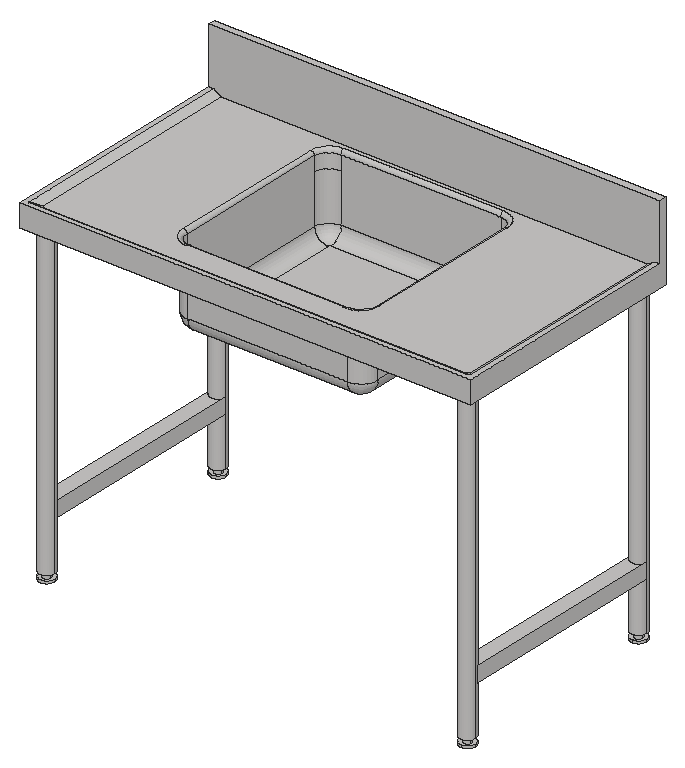
Revit family
Parameters (values of type "1200 X 650 Bowl Center")
  Waste Connection Diameter = 40 mm
  Width Of Bowl = 505 mm
  Waste Connection Radius = Waste Connection Diameter / 2  # 20 mm
  WFU = 0
  URL = "http://www.autospec.co.za/browse.php?id=1644179283"
  Product Code = "None"
  OmniClass Title = ""
  OmniClass Number = ""
  Modspec Classification = ""
  Specification = ""
  Material = Stainless Steel Grade 304
  Location (revit room) = ""
  Length Of Bowl = 505 mm
  Bowl Posiition [instance] = if(Bowl Position End, Distance Of Bowl, if(Bowl Position Center, Length / 2, Distance Of Bowl))  # 600 mm
  Description = ""
  Depth Of Bowl = 230 mm
  Colour = none
  Bowl Position End [instance] = no
  Bowl Position Center [instance] = not(Bowl Position End)  # yes
  Body Finish = none
  Distance Of Bowl = 330 mm
  Splashback Height = 150 mm
  Width = 650 mm
  Model = "Catering Sink Center Single Bowl Series KS1-1200 X 650"
  Manufacturer = "Kwikot"  # constant formula
  Length = 1200 mm
  Height = 1050 mm
  Assembly Code = "E1090300"
Reference planes
  plane 1 "Center (Front/Back)": y = 0
  plane 2 "Bottom": z = 0
  plane 3 "Center (Left/Right)": x = 0
  plane 4 "Left": x = -600
  plane 5 "Right": x = 600
  plane 6 "Front": y = -650
  plane 7 "Top": z = 1050
  plane 8: z = 900
  plane 9: z = 840
  plane 10: z = 670
  plane 11: y = -295
  plane 12: x = 0
  plane 13: x = 235
  plane 14: x = -270
  plane 15: y = -42.5
  plane 16: y = -547.5
Forms (mm)
  Extrusion 1, solid, material "Stainless Steel Grade 304" <- "Material"
    sketch origin (-600, -491, 4000) x (0, -1, 0) y (0, 0, 1)
      loop
        line (-491, -3160) -> (159, -3160) -> (159, -3100) -> (-471, -3100) -> (-471, -2950) -> (-491, -2950) -> (-491, -3160)
    from 0 to -1200
  Blend 2, void
    base sketch origin (-779.234, -1524, 900) x (0, -1, 0) y (1, 0, 0)
      loop
        arc (-891, 191.234) -> (-887.464, 192.698) -> (-886, 196.234) r 5
        line (-886, 196.234) -> (-886, 1362.234)
        arc (-886, 1362.234) -> (-887.464, 1365.769) -> (-891, 1367.234) r 5
        line (-891, 1367.234) -> (-1504, 1367.234) -> (-1504, 191.234) -> (-891, 191.234)
    top sketch origin (-779.234, -1524, 900) x (0, -1, 0) y (1, 0, 0)
      loop
        line (-1504, 211.234) -> (-911, 211.234)
        arc (-911, 211.234) -> (-907.464, 212.698) -> (-906, 216.234) r 5
        line (-906, 216.234) -> (-906, 1342.234)
        arc (-906, 1342.234) -> (-907.464, 1345.769) -> (-911, 1347.234) r 5
        line (-911, 1347.234) -> (-1504, 1347.234) -> (-1504, 211.234)
    from 0 to -12
  Extrusion 3, void
    sketch origin (-779.234, -1524, 840) x (0, -1, 0) y (-1, 0, 0)
      loop
        line (-1481.5, -549.234) -> (-1481.5, -974.234)
        arc (-1481.5, -974.234) -> (-1469.784, -1002.518) -> (-1441.5, -1014.234) r 40
        line (-1441.5, -1014.234) -> (-1016.5, -1014.234)
        arc (-1016.5, -1014.234) -> (-988.216, -1002.518) -> (-976.5, -974.234) r 40
        line (-976.5, -974.234) -> (-976.5, -549.234)
        arc (-976.5, -549.234) -> (-988.216, -520.949) -> (-1016.5, -509.234) r 40
        line (-1016.5, -509.234) -> (-1441.5, -509.234)
        arc (-1441.5, -509.234) -> (-1469.784, -520.949) -> (-1481.5, -549.234) r 40
    from 0 to -60
  Sweep 4, solid, material "Stainless Steel Grade 304" <- "Material"
    path origin (-779.234, -1524, 900) x (-1, 0, 0) y (0, -1, 0)
      loop
        line (-509.234, -1441.5) -> (-509.234, -1016.5)
        arc (-509.234, -1016.5) -> (-520.949, -988.216) -> (-549.234, -976.5) r 40
        line (-549.234, -976.5) -> (-974.234, -976.5)
        arc (-974.234, -976.5) -> (-1002.518, -988.216) -> (-1014.234, -1016.5) r 40
        line (-1014.234, -1016.5) -> (-1014.234, -1441.5)
        arc (-1014.234, -1441.5) -> (-1002.518, -1469.784) -> (-974.234, -1481.5) r 40
        line (-974.234, -1481.5) -> (-549.234, -1481.5)
        arc (-549.234, -1481.5) -> (-520.949, -1469.784) -> (-509.234, -1441.5) r 40
    profile origin (-270, -295, 900) x (1, 0, 0) y (0, 0, 1)
      loop
        line (0, -12) -> (-5, -12) -> (-5, -190)
        arc (-5, -190) -> (6.716, -218.284) -> (35, -230) r 40
        line (35, -230) -> (35, -225)
        arc (35, -225) -> (10.251, -214.749) -> (0, -190) r 35
        line (0, -190) -> (0, -12)
  Blend 5, solid, material "Stainless Steel Grade 304" <- "Material"
    base sketch origin (-779.234, -1524, 670) x (-1, 0, 0) y (0, -1, 0)
      loop
        circle (-779.234, -1229) r 26
    top sketch origin (-779.234, -1524, 670) x (-1, 0, 0) y (0, -1, 0)
      loop
        circle (-779.234, -1229) r 20
    from 0 to -5
  Extrusion 6, solid, material "Stainless Steel Grade 304" <- "Material"
    sketch origin (-779.234, -1524, 670) x (-1, 0, 0) y (0, -1, 0)
      loop
        arc (-544.234, -1016.5) -> (-545.698, -1012.964) -> (-549.234, -1011.5) r 5
        line (-549.234, -1011.5) -> (-974.234, -1011.5)
        arc (-974.234, -1011.5) -> (-977.769, -1012.964) -> (-979.234, -1016.5) r 5
        line (-979.234, -1016.5) -> (-979.234, -1441.5)
        arc (-979.234, -1441.5) -> (-977.769, -1445.036) -> (-974.234, -1446.5) r 5
        line (-974.234, -1446.5) -> (-549.234, -1446.5)
        arc (-549.234, -1446.5) -> (-545.698, -1445.036) -> (-544.234, -1441.5) r 5
        line (-544.234, -1441.5) -> (-544.234, -1016.5)
      loop
        circle (-779.234, -1229) r 26
    from 0 to 5
  Sweep 7, void
    path origin (-779.234, -1524, 900) x (-1, 0, 0) y (0, -1, 0)
      loop
        line (-509.234, -1441.5) -> (-509.234, -1016.5)
        arc (-509.234, -1016.5) -> (-520.949, -988.216) -> (-549.234, -976.5) r 40
        line (-549.234, -976.5) -> (-974.234, -976.5)
        arc (-974.234, -976.5) -> (-1002.518, -988.216) -> (-1014.234, -1016.5) r 40
        line (-1014.234, -1016.5) -> (-1014.234, -1441.5)
        arc (-1014.234, -1441.5) -> (-1002.518, -1469.784) -> (-974.234, -1481.5) r 40
        line (-974.234, -1481.5) -> (-549.234, -1481.5)
        arc (-549.234, -1481.5) -> (-520.949, -1469.784) -> (-509.234, -1441.5) r 40
    profile origin (-270, -295, 900) x (1, 0, 0) y (0, 0, 1)
      loop
        line (0, -12) -> (-10, -12)
        arc (-10, -12) -> (-2.929, -14.929) -> (0, -22) r 10
        line (0, -22) -> (0, -12)
  Extrusion 8, solid, material "Stainless Steel Grade 304" <- "Material"
    sketch origin (0, 0, 0) x (1, 0, 0) y (0, 1, 0)
      loop
        circle (-560, -610) r 21
      loop
        circle (560, -610) r 21
      loop
        circle (-560, -40) r 21
      loop
        circle (560, -40) r 21
    from 0 to 5
  Extrusion 9, solid, material "Stainless Steel Grade 304" <- "Material"
    sketch origin (0, 0, 0) x (1, 0, 0) y (0, 1, 0)
      loop
        circle (-560, -610) r 10
      loop
        circle (-560, -40) r 10
      loop
        circle (560, -40) r 10
      loop
        circle (560, -610) r 10
    from 5 to 20
  Extrusion 10, solid, material "Stainless Steel Grade 304" <- "Material"
    sketch origin (-779.234, -1524, 840) x (-1, 0, 0) y (0, -1, 0)
      loop
        circle (-1339.234, -914) r 21
      loop
        circle (-1339.234, -1484) r 21
      loop
        circle (-219.234, -1484) r 21
      loop
        circle (-219.234, -914) r 21
    from 0 to -820
  Extrusion 11, solid, material "Stainless Steel Grade 304"
    sketch origin (0, 0, 0) x (1, 0, 0) y (0, 1, 0)
      loop
        line (-539, -610) -> (-539, -40)
        arc (-539, -40) -> (-560, -61) -> (-581, -40) r 21
        line (-581, -40) -> (-581, -610)
        arc (-581, -610) -> (-560, -589) -> (-539, -610) r 21
      loop
        line (539, -40) -> (539, -610)
        arc (539, -610) -> (560, -589) -> (581, -610) r 21
        line (581, -610) -> (581, -40)
        arc (581, -40) -> (560, -61) -> (539, -40) r 21
    from 150 to 190
Cuts and joins
  Blend 2, Extrusion 3, Sweep 7 cuts Extrusion 1
  Sweep 7 cuts Sweep 4
  Sweep 7 cuts Extrusion 6
  joined: Extrusion 1, Sweep 4, Extrusion 6
Lines and regions (mm)
  symbolic lines
    curve 1: line (-600, 0, 750) -> (-600, -650, 750)
    curve 2: line (600, 0, 750) -> (-600, 0, 750)
    curve 3: line (600, -650, 750) -> (600, 0, 750)
    curve 4: line (-600, -650, 750) -> (600, -650, 750)
    curve 5: line (-600, -20, 750) -> (600, -20, 750)
    curve 6: line (-588, -633, 1050) -> (-588, -20, 1050)
    curve 7: arc (-583, -638, 1050) -> (-586.536, -636.536, 1050) -> (-588, -633, 1050) r 5
    curve 8: line (583, -638, 1050) -> (-583, -638, 1050)
    curve 9: line (-568, -20, 1050) -> (-568, -613, 1050)
    curve 10: arc (-568, -613, 1050) -> (-566.536, -616.536, 1050) -> (-563, -618, 1050) r 5
    curve 11: line (-563, -618, 1050) -> (563, -618, 1050)
    curve 12: arc (563, -618, 1050) -> (566.536, -616.536, 1050) -> (568, -613, 1050) r 5
    curve 13: line (568, -613, 1050) -> (568, -20, 1050)
    curve 14: arc (588, -633, 1050) -> (586.536, -636.536, 1050) -> (583, -638, 1050) r 5
    curve 15: line (588, -20, 1050) -> (588, -633, 1050)
    curve 16: line (195, -547.5, 1050) -> (-230, -547.5, 1050)
    curve 17: arc (-230, -547.5, 1050) -> (-258.284, -535.784, 1050) -> (-270, -507.5, 1050) r 40
    curve 18: line (-270, -507.5, 1050) -> (-270, -82.5, 1050)
    curve 19: arc (-270, -82.5, 1050) -> (-258.284, -54.216, 1050) -> (-230, -42.5, 1050) r 40
    curve 20: line (-230, -42.5, 1050) -> (195, -42.5, 1050)
    curve 21: arc (195, -42.5, 1050) -> (223.284, -54.216, 1050) -> (235, -82.5, 1050) r 40
    curve 22: line (235, -82.5, 1050) -> (235, -507.5, 1050)
    curve 23: arc (235, -507.5, 1050) -> (223.284, -535.784, 1050) -> (195, -547.5, 1050) r 40
  symbolic lines, detail levels fine
    curve 24: arc (26, -295, 1050) -> (0, -321, 1050) -> (-26, -295, 1050) r 26
    curve 25: arc (-26, -295, 1050) -> (0, -269, 1050) -> (26, -295, 1050) r 26
Dimensions and locks
  equal spacing: plane 4 "Left", plane 3 "Center (Left/Right)", plane 5 "Right"
  "Length": plane 4 "Left" to plane 5 "Right"
  "Width": plane 1 "Center (Front/Back)" to plane 6 "Front"
  "Height": plane 7 "Top" to level
  "Splashback Height": plane 7 "Top" to plane 8
  Blend 2 sketch curve to plane 6 "Front" = 12 mm
  plane 11 to plane 1 "Center (Front/Back)" = 295 mm
  "Bowl Posiition": plane 12 to plane 5 "Right"
  Blend 2 sketch curve to var sketch = 20 mm  (x2)
  var sketch to Blend 2 sketch curve = 20 mm
  "Depth Of Bowl": plane 8 to plane 10
  "Length Of Bowl": plane 14 to plane 13
  locked: plane 12 to plane 13 at 235
  "Width Of Bowl": plane 15 to plane 16
  plane 4 "Left" to Extrusion 8 sketch curve = 40 mm  (x2)
  Extrusion 8 sketch curve to plane 6 "Front" = 40 mm  (x2)
  Extrusion 8 sketch curve to plane 1 "Center (Front/Back)" = 40 mm  (x2)
  Extrusion 8 sketch curve to plane 5 "Right" = 40 mm  (x2)
  plane 8 to plane 9 = 60 mm
  plane 4 "Left" to Extrusion 9 sketch curve = 40 mm  (x2)
  Extrusion 9 sketch curve to plane 6 "Front" = 40 mm  (x2)
  Extrusion 9 sketch curve to plane 1 "Center (Front/Back)" = 40 mm  (x2)
  Extrusion 9 sketch curve to plane 5 "Right" = 40 mm  (x2)
  Extrusion 11 to plane 2 "Bottom" = 150 mm
  equal spacing: plane 15, plane 11, plane 16
  radius of Extrusion 3 sketch curve = 40 mm  (x4)
  radius of Extrusion 6 sketch curve = 26 mm
  "Waste Connection Radius": radius of Blend 5 sketch curve
  radius of Extrusion 8 sketch curve = 21 mm  (x4)
  radius of Extrusion 9 sketch curve = 10 mm  (x4)
  aligned and locked: level to plane 2 "Bottom"
  aligned and locked: Extrusion 1 sketch curve to plane 9
  aligned and locked: Extrusion 1 sketch curve to plane 1 "Center (Front/Back)"
  aligned and locked: plane 8 to Extrusion 1 sketch curve
  aligned and locked: Extrusion 1 sketch curve to plane 6 "Front"
  aligned and locked: plane 7 "Top" to Extrusion 1 sketch curve
  aligned and locked: plane 4 "Left" to Extrusion 1
  aligned and locked: Extrusion 1 to plane 5 "Right"
  aligned and locked: var sketch to Blend 2 sketch curve
  aligned and locked: plane 8 to Extrusion 3
  aligned and locked: Extrusion 3 to plane 9
  aligned and locked: Sweep 4 sketch curve to cut or joined group of Extrusion 1, Blend 2, Extrusion 3, Sweep 4, Extrusion 6, Sweep 7  (x6)
  aligned and locked: curve 7 to cut or joined group of Extrusion 1, Blend 2, Extrusion 3, Sweep 4, Extrusion 6, Sweep 7
  aligned and locked: curve 9 to cut or joined group of Extrusion 1, Blend 2, Extrusion 3, Sweep 4, Extrusion 6, Sweep 7
  aligned and locked: curve 10 to cut or joined group of Extrusion 1, Blend 2, Extrusion 3, Sweep 4, Extrusion 6, Sweep 7
  aligned and locked: curve 12 to cut or joined group of Extrusion 1, Blend 2, Extrusion 3, Sweep 4, Extrusion 6, Sweep 7
  aligned and locked: curve 14 to cut or joined group of Extrusion 1, Blend 2, Extrusion 3, Sweep 4, Extrusion 6, Sweep 7
  aligned and locked: curve 15 to cut or joined group of Extrusion 1, Blend 2, Extrusion 3, Sweep 4, Extrusion 6, Sweep 7
  aligned and locked: curve 17 to cut or joined group of Extrusion 1, Blend 2, Extrusion 3, Sweep 4, Extrusion 6, Sweep 7
  aligned and locked: curve 19 to cut or joined group of Extrusion 1, Blend 2, Extrusion 3, Sweep 4, Extrusion 6, Sweep 7
  aligned and locked: curve 21 to cut or joined group of Extrusion 1, Blend 2, Extrusion 3, Sweep 4, Extrusion 6, Sweep 7
  aligned and locked: curve 23 to cut or joined group of Extrusion 1, Blend 2, Extrusion 3, Sweep 4, Extrusion 6, Sweep 7
  aligned and locked: plane 11 to Blend 5 sketch curve
  aligned and locked: plane 12 to Blend 5 sketch curve
  aligned and locked: plane 10 to Blend 5
  aligned and locked: plane 10 to Sweep 4 sketch curve
  aligned and locked: Extrusion 6 sketch curve to cut or joined group of Extrusion 1, Blend 2, Extrusion 3, Sweep 4, Extrusion 6, Sweep 7  (x4)
  aligned and locked: plane 11 to Extrusion 6 sketch curve
  aligned and locked: plane 12 to Extrusion 6 sketch curve
  aligned and locked: Blend 5 sketch curve to cut or joined group of Extrusion 1, Blend 2, Extrusion 3, Sweep 4, Extrusion 6, Sweep 7  (x2)
  aligned and locked: Extrusion 3 sketch curve to plane 15
  aligned and locked: plane 14 to Extrusion 3 sketch curve
  aligned and locked: plane 13 to Extrusion 3 sketch curve
  aligned and locked: plane 16 to Extrusion 3 sketch curve
  aligned and locked: Sweep 7 sketch curve to cut or joined group of Extrusion 1, Blend 2, Extrusion 3, Sweep 4, Extrusion 6, Sweep 7  (x4)
  aligned and locked: profile plane to Sweep 7 sketch curve
  aligned and locked: cut or joined group of Extrusion 1, Blend 2, Extrusion 3, Sweep 4, Extrusion 6, Sweep 7 to Sweep 7 sketch curve
  aligned and locked: Extrusion 8 to plane 2 "Bottom"
  aligned and locked: Extrusion 9 to Extrusion 8
  aligned and locked: Extrusion 10 sketch curve to Extrusion 8  (x8)
  aligned and locked: plane 9 to Extrusion 10
  aligned and locked: Extrusion 10 to Extrusion 9
  aligned and locked: Extrusion 11 sketch curve to Extrusion 10  (x4)
Automatic sketch dimensions
  plane 6 "Front" to Blend 2 sketch curve = 17 mm
  Blend 2 sketch curve to Blend 2 sketch curve = 5 mm  (x2)
  Blend 2 sketch curve to plane 4 "Left" = 12 mm
  plane 5 "Right" to Blend 2 sketch curve = 17 mm
  Blend 2 sketch curve to plane 4 "Left" = 37 mm
  plane 1 "Center (Front/Back)" to Extrusion 1 sketch curve = 20 mm
  plane 1 "Center (Front/Back)" to Blend 2 sketch curve = 20 mm
  plane 1 "Center (Front/Back)" to curve 2 = 0 mm
  curve 2 to plane 5 "Right" = 0 mm
  curve 1 to plane 4 "Left" = 0 mm
  curve 1 to plane 6 "Front" = 0 mm
  curve 1 to curve 5 = 20 mm
  plane 1 "Center (Front/Back)" to curve 6 = 20 mm
  curve 6 to curve 9 = 0 mm
  plane 1 "Center (Front/Back)" to curve 13 = 20 mm
  plane 1 "Center (Front/Back)" to curve 15 = 20 mm
  curve 24 to curve 25 = 0 mm  (x2)
  curve 24 to plane 11 = 0 mm
  curve 25 to plane 12 = 0 mm
  curve 24 to plane 12 = 26 mm
  Sweep 4 sketch curve to Sweep 4 sketch curve = 0 mm
  profile plane to Sweep 4 sketch curve = 5 mm
  Sweep 4 sketch curve to Sweep 4 sketch curve = 35 mm
  Sweep 7 sketch curve to Sweep 7 sketch curve = 10 mm  (x2)
  Sweep 7 sketch curve to Sweep 7 sketch curve = 0 mm  (x2)
  profile plane to Sweep 7 sketch curve = 0 mm
Connectors
  piping at (0, -295, 665), driven by "Waste Connection Radius", driven by "WFU"
    settings: on Blend 5, index 1, connector radius 20 mm, flow factor 0, pipe flow 0.0 L/s, pressure drop 0.0 Pa, fitting loss kfactor 0, connector angle 0.00°, fixture units 0, flow configuration 3, flow direction 2, fitting loss method 0, system type 16, connector reference index -1, connector utility 0, adjustable connector no, is connector primary yes, fitting loss table "", connector description "Waste Connection"
